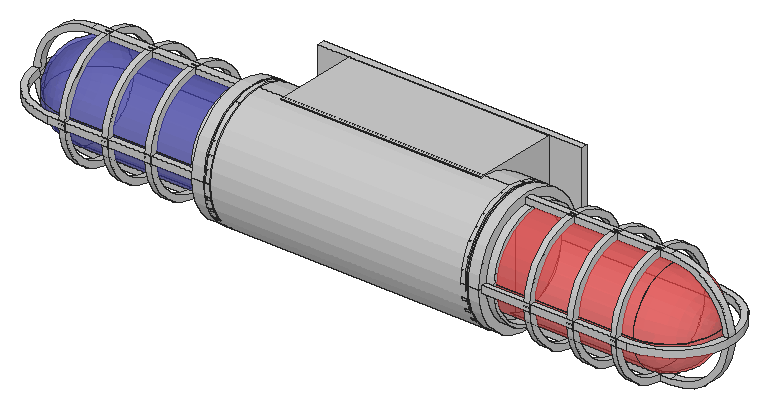
Revit family "HZ1.CG", category Lighting Fixtures, host Wall, Revit 2024
Family settings
  Host = Wall
  Round Connector Dimension = Use Diameter
  Part Type = Normal
  OmniClass Number = 23.80.70.00
  OmniClass Title = Lighting
  Always vertical = Yes
  Cut with Voids When Loaded = No
  Light Source = No
  Maintain Annotation Orientation = No
  Shared = No
  Room Calculation Point = No
Parameters
  Default Elevation = 0' - 0"
Reference planes (in)
  plane 1: y = 0
  plane 2 "Light Source Axis (F/B)": y = 8
  plane 3 "Light Source Axis (L/R)": x = -1.43133
  plane 4 "Light Source Elevation": z = 77.42225
Forms (in)
  Extrusion 1, solid, material "49"
    sketch origin (0, 8, 0) x (1, 0, 0) y (0, 0, 1)
      loop
        line (3.19367, 79.56434) -> (-6.05633, 79.56434) -> (-6.05633, 75.28016) -> (3.19367, 75.28016) -> (3.19367, 79.56434)
    from 11 to 11.25
  Extrusion 2, solid, material "49"
    sketch origin (0, 8, 0) x (1, 0, 0) y (0, 0, 1)
      loop
        line (2.06867, 79.56434) -> (-4.93133, 79.56434) -> (-4.93133, 75.28016) -> (2.06867, 75.28016) -> (2.06867, 79.56434)
    from 11.25 to 14.25
  Revolve 3, solid, material "49"
    sketch origin (0, -6.10791, 0) x (1, 0, 0) y (0, 0, 1)
      loop
        line (-6.05633, 79.56434) -> (-6.05633, 77.42225) -> (3.19367, 77.42225) -> (3.19367, 79.56434) -> (-6.05633, 79.56434)
      axis (-6.05633, 77.42225) -> (3.19367, 77.42225)
    angle from 0 to 360
  Extrusion 4, solid, material "49"
    sketch origin (88.18681, 0.73212, 78.77225) x (0, 1, 0) y (-1, 0, 0)
      loop
        line (-4.78958, 84.58935) -> (-4.99147, 84.58935) -> (-4.99147, 79.4727)
        arc (-4.99147, 79.4727) -> (-5.57549, 78.12432) -> (-6.95853, 77.62794) r 1.84856
        arc (-6.95853, 77.62794) -> (-8.1884, 78.20816) -> (-8.68859, 79.4727) r 1.84856
        line (-8.68859, 79.4727) -> (-8.68859, 84.58935) -> (-8.89048, 84.58935) -> (-8.89048, 79.4727)
        arc (-8.89048, 79.4727) -> (-6.84003, 77.42225) -> (-4.78958, 79.4727) r 2.05045
        line (-4.78958, 79.4727) -> (-4.78958, 84.58935)
    from -1.47618 to -1.22382
  Revolve 5, solid, material "49"
    sketch origin (88.18681, 0.73212, 77.42427) x (0, 1, 0) y (-1, 0, 0)
      loop
        line (-4.69794, 85.06325) -> (-4.69794, 85.21325) -> (-4.92753, 85.21325) -> (-6.84003, 85.21325) -> (-6.84003, 85.1195) -> (-4.99589, 85.1195) -> (-4.83639, 85.1195) -> (-4.83639, 84.89938) -> (-4.79169, 84.89938) -> (-4.79169, 84.6831) -> (-5.08522, 84.6831) -> (-5.08522, 84.30461) -> (-4.99147, 84.30461) -> (-4.99147, 84.58935) -> (-4.69794, 84.58935) -> (-4.69794, 84.99313) -> (-4.74264, 84.99313) -> (-4.74264, 85.06325) -> (-4.69794, 85.06325)
      loop
        line (-4.99147, 82.87328) -> (-4.78958, 82.87328) -> (-4.78958, 83.07517) -> (-4.99147, 83.07517) -> (-4.99147, 82.87328)
      loop
        line (-4.99147, 81.35911) -> (-4.78958, 81.35911) -> (-4.78958, 81.561) -> (-4.99147, 81.561) -> (-4.99147, 81.35911)
      loop
        line (-4.99147, 79.84493) -> (-4.78958, 79.84493) -> (-4.78958, 80.04682) -> (-4.99147, 80.04682) -> (-4.99147, 79.84493)
      loop
        line (-5.24003, 84.58935) -> (-5.33378, 84.58935) -> (-5.33378, 79.6014)
        arc (-5.33378, 79.6014) -> (-5.77495, 78.53632) -> (-6.84003, 78.09515) r 1.50625
        line (-6.84003, 78.09515) -> (-6.84003, 78.0014)
        arc (-6.84003, 78.0014) -> (-5.70866, 78.47003) -> (-5.24003, 79.6014) r 1.6
        line (-5.24003, 79.6014) -> (-5.24003, 84.58935)
      axis (-6.84003, 85.21325) -> (-6.84003, 78.0014)
    angle from 0 to 360
  Extrusion 6, solid, material "49"
    sketch origin (88.18681, -0.6992, 86.77225) x (0, 0, 1) y (-1, 0, 0)
      loop
        line (-11.40045, 84.58935) -> (-11.40045, 79.4727)
        arc (-11.40045, 79.4727) -> (-9.35, 77.42225) -> (-7.29955, 79.4727) r 2.05045
        line (-7.29955, 79.4727) -> (-7.29955, 84.58935) -> (-7.50144, 84.58935) -> (-7.50144, 79.4727)
        arc (-7.50144, 79.4727) -> (-8.05489, 78.15366) -> (-9.38383, 77.62445) r 1.84856
        arc (-9.38383, 77.62445) -> (-10.66903, 78.17758) -> (-11.19856, 79.4727) r 1.84856
        line (-11.19856, 79.4727) -> (-11.19856, 84.58935) -> (-11.40045, 84.58935)
    from 5.28252 to 5.53489
  Extrusion 7, solid, material "49"
    sketch origin (-91.04946, 0.73212, 78.77225) x (0, 1, 0) y (-1, 0, 0)
      loop
        line (-4.78958, -84.58935) -> (-4.78958, -79.4727)
        arc (-4.78958, -79.4727) -> (-6.84003, -77.42225) -> (-8.89048, -79.4727) r 2.05045
        line (-8.89048, -79.4727) -> (-8.89048, -84.58935) -> (-8.68859, -84.58935) -> (-8.68859, -79.4727)
        arc (-8.68859, -79.4727) -> (-8.1884, -78.20816) -> (-6.95853, -77.62794) r 1.84856
        arc (-6.95853, -77.62794) -> (-5.57549, -78.12432) -> (-4.99147, -79.4727) r 1.84856
        line (-4.99147, -79.4727) -> (-4.99147, -84.58935) -> (-4.78958, -84.58935)
    from -1.47618 to -1.22382
  Revolve 8, solid, material "49"
    sketch origin (-91.04946, 0.73212, 77.42427) x (0, 1, 0) y (-1, 0, 0)
      loop
        line (-4.69794, -85.06325) -> (-4.74264, -85.06325) -> (-4.74264, -84.99313) -> (-4.69794, -84.99313) -> (-4.69794, -84.58935) -> (-4.99147, -84.58935) -> (-4.99147, -84.30461) -> (-5.08522, -84.30461) -> (-5.08522, -84.6831) -> (-4.79169, -84.6831) -> (-4.79169, -84.89938) -> (-4.83639, -84.89938) -> (-4.83639, -85.1195) -> (-4.99589, -85.1195) -> (-6.84003, -85.1195) -> (-6.84003, -85.21325) -> (-4.92753, -85.21325) -> (-4.69794, -85.21325) -> (-4.69794, -85.06325)
      loop
        line (-4.99147, -82.87328) -> (-4.99147, -83.07517) -> (-4.78958, -83.07517) -> (-4.78958, -82.87328) -> (-4.99147, -82.87328)
      loop
        line (-4.99147, -81.35911) -> (-4.99147, -81.561) -> (-4.78958, -81.561) -> (-4.78958, -81.35911) -> (-4.99147, -81.35911)
      loop
        line (-4.99147, -79.84493) -> (-4.99147, -80.04682) -> (-4.78958, -80.04682) -> (-4.78958, -79.84493) -> (-4.99147, -79.84493)
      loop
        line (-5.24003, -84.58935) -> (-5.24003, -79.6014)
        arc (-5.24003, -79.6014) -> (-5.70866, -78.47003) -> (-6.84003, -78.0014) r 1.6
        line (-6.84003, -78.0014) -> (-6.84003, -78.09515)
        arc (-6.84003, -78.09515) -> (-5.77495, -78.53632) -> (-5.33378, -79.6014) r 1.50625
        line (-5.33378, -79.6014) -> (-5.33378, -84.58935) -> (-5.24003, -84.58935)
      axis (-6.84003, -85.21325) -> (-6.84003, -78.0014)
    angle from 0 to 360
  Extrusion 9, solid, material "49"
    sketch origin (-91.04946, -0.6992, 86.77225) x (0, 0, 1) y (-1, 0, 0)
      loop
        line (-11.40045, -84.58935) -> (-11.19856, -84.58935) -> (-11.19856, -79.4727)
        arc (-11.19856, -79.4727) -> (-10.66903, -78.17758) -> (-9.38383, -77.62445) r 1.84856
        arc (-9.38383, -77.62445) -> (-8.05489, -78.15366) -> (-7.50144, -79.4727) r 1.84856
        line (-7.50144, -79.4727) -> (-7.50144, -84.58935) -> (-7.29955, -84.58935) -> (-7.29955, -79.4727)
        arc (-7.29955, -79.4727) -> (-9.35, -77.42225) -> (-11.40045, -79.4727) r 2.05045
        line (-11.40045, -79.4727) -> (-11.40045, -84.58935)
    from 5.28252 to 5.53489
Text (in)
  text "Placement Side" at (0, 40.15149, 123.01588), in view "Right"
  text "Placement Side" at (-70.3804, 28.46503, 0), in view "Ref. Level"
  text "Placement Side" at (0, 85.69064, 140.59947), in view "Left"
Dimensions and locks (in)
  aligned: level to host wall
